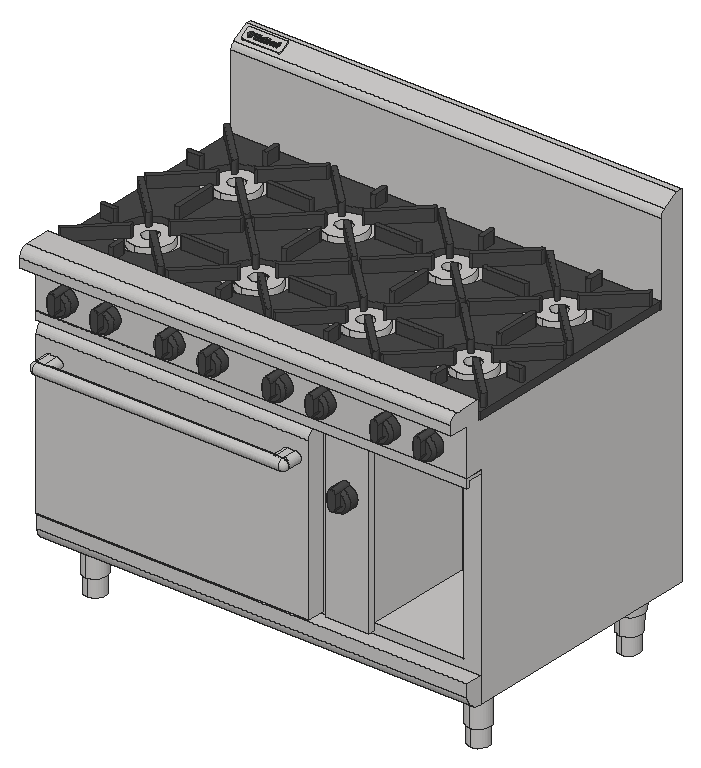
Revit family "QF_MOFFAT WALDORF_RN8810GC", category Specialty Equipment, Revit 2012
Parameters
  Width = 1200 mm
  Weight in Pounds = 258
  Watts = 130 W
  Volts = 240 V
  URL Cutsheet = "www.moffat.com"
  URL = "www.moffat.com"
  Type Mark [instance] = ""
  Status [instance] = ""
  Specification by User [instance] = ""
  Specification by Manufacturer = ""
  Show Logo [instance] = yes
  Show Clearance [instance] = yes
  Serial Number = ""
  Seismic Rating = ""
  SMACNA No = ""
  Revision Code [instance] = ""
  Plumbing Remarks = ""
  Plumbing Connection Type [instance] = ""
  Phase = 1
  Omniclass Number and Title = ""
  Number of Poles [instance] = 1
  NAFEM Spec ID Number = ""
  Model = "RN8810GC"
  Min Ckt Ampacity = 0 A
  Mechanical Remarks = ""
  Mechanical Connection Type [instance] = ""
  Max Overcurrent Protection = 0 A
  Masterspec = ""
  Manufacturer = "MOFFAT WALDORF"
  Item Number [instance] = ""
  Installed By [instance] = ""
  Identify Quantity as Lot [instance] = yes
  Height = 1130 mm
  HP = ""
  Gas Size = 3/4"
  Gas RI Height [instance] = 0 mm
  Gas KW [instance] = 70.5
  Gas Input [instance] = 240746.0 Btu/h
  Gas Connection Height = 0 mm
  Furnished By [instance] = ""
  Foodservice Equipment Identifier [instance] = yes
  FL Amps = 0.06 A
  Electrical Remarks [instance] = ""
  Electric Connection Type [instance] = ""
  Elec Conn RI Height [instance] = 0 mm
  Elec Conn Connection Height [instance] = 0 mm
  Description = "RANGE GAS WITH CONVECTION OVEN"
  Depth = 805 mm
  Cycle = 50 Hz
  Conn Plug = ""
  Conn Conduit = yes
  Cold Water Temperature Recommended = -459.67 °F
  Cold Water Size = 1/2"
  Cold Water RI Height [instance] = 0 mm
  Cold Water Minimum Pressure = 0.00 psi
  Cold Water Maximum Pressure = 0.00 psi
  Cold Water Flow = 0 GPM
  Cold Water Consumption = ""
  Cold Water Connection Height = 0 mm
  CSI MasterFormat = ""
  CSI Master Format = ""
  Body Finish = QF_Finishes_Stainless Steel
  Apparent Power = 0 VA
Reference planes
  plane 1 "BACK": y = 0
  plane 2: z = 0
  plane 3 "LEFT": x = 0
  plane 4 "RIGHT": x = 1200
  plane 5 "FRONT": y = -805
  plane 6 "TOP": z = 1130
  plane 7 "Center Y": x = 600
  plane 8 "Center X": y = -402.5
  plane 9: x = 280
  plane 10: y = -574.272
  plane 11: x = 60
  plane 12: y = -304.972
  plane 13: y = -364.972
  plane 14: x = 74
  plane 15: y = -805
  plane 16: x = 1134.5
  plane 17: y = -32
  plane 18: z = 655
  plane 19: x = 65.5
  plane 20: x = 65.8
  plane 21: z = 222.5
Forms (mm)
  Extrusion 1, solid, material "QF_Finishes_Stainless Steel" <- "Body Finish"
    sketch origin (0, 0, 0) x (0, 1, 0) y (0, 0, 1)
      loop
        line (0, 150) -> (0, 1130) -> (-16.5, 1130) -> (-58.709, 1105.631)
        arc (-58.709, 1105.631) -> (-66.975, 1097.365) -> (-70, 1086.074) r 22.582
        line (-70, 1086.074) -> (-70, 861.8) -> (-709, 861.8) -> (-709, 915) -> (-781, 915)
        arc (-781, 915) -> (-797.971, 907.971) -> (-805, 891) r 24
        line (-805, 891) -> (-805, 866) -> (-749, 866) -> (-749, 736.219) -> (-696.73, 736.219) -> (-696.73, 150) -> (0, 150)
      loop
        line (-700.93, 150.071) -> (-700.93, 222.5) -> (-746.73, 222.5) -> (-746.73, 188)
        arc (-746.73, 188) -> (-731.317, 159.995) -> (-700.93, 150.071) r 43.526
      loop
        line (-749, 710) -> (-740.224, 710) -> (-742.613, 726.999) -> (-700.93, 726.999) -> (-700.93, 734.003) -> (-749, 734.003) -> (-749, 710)
    from 0 to 1200
  Extrusion 2, solid, material "QF_Finishes_Stainless Steel"
    sketch origin (0, 0, 0) x (0, 1, 0) y (0, 0, 1)
      loop
        line (-699, 700) -> (-725, 700)
        arc (-725, 700) -> (-741.971, 692.971) -> (-749, 676) r 24
        line (-749, 676) -> (-749, 227.5) -> (-699, 227.5) -> (-699, 700)
    from 0 to 760
  Extrusion 3, solid, material "QF_Finishes_Stainless Steel"
    sketch origin (723.5, 0, 0) x (0, 1, 0) y (0, 0, 1)
      loop
        line (-699, 700) -> (-714, 700) -> (-714, 227.5) -> (-699, 227.5) -> (-699, 700)
    from 56.898 to 176.5
  Revolve 4, solid, material "QF_Finishes_Stainless Steel" <- "Body Finish"
    sketch origin (1134.5, -165, 0) x (0, 1, 0) y (0, 0, -1)
      loop
        line (33.25, -50) -> (31.418, -102.468) -> (26.406, -102.468) -> (22.247, -150) -> (65, -150) -> (65, 0) -> (37.5, 0) -> (37.5, -50) -> (33.25, -50)
      axis (65, -150) -> (65, 0)
    angle from 0 to 360
  Revolve 5, solid, material "QF_Finishes_Stainless Steel" <- "Body Finish"
    sketch origin (1134.5, -696.126, 0) x (0, 1, 0) y (0, 0, -1)
      loop
        line (39.376, -150) -> (71.126, -150) -> (71.126, 0) -> (43.626, 0) -> (43.626, -50) -> (39.376, -50) -> (39.376, -150)
      axis (71.126, -150) -> (71.126, 0)
    angle from 0 to 360
  Revolve 6, solid, material "QF_Finishes_Stainless Steel" <- "Body Finish"
    sketch origin (65.5, -165, 0) x (0, 1, 0) y (0, 0, 1)
      loop
        line (31.418, 102.468) -> (33.25, 50) -> (37.5, 50) -> (37.5, 0) -> (65, 0) -> (65, 150) -> (22.247, 150) -> (26.406, 102.468) -> (31.418, 102.468)
      axis (65, 150) -> (65, 0)
    angle from 0 to 360
  Revolve 7, solid, material "QF_Finishes_Stainless Steel" <- "Body Finish"
    sketch origin (65.5, -696.126, 0) x (0, 1, 0) y (0, 0, 1)
      loop
        line (39.376, 150) -> (39.376, 50) -> (43.626, 50) -> (43.626, 0) -> (71.126, 0) -> (71.126, 150) -> (39.376, 150)
      axis (71.126, 150) -> (71.126, 0)
    angle from 0 to 360
  Extrusion 8, solid, material "QF_Finishes_Stainless Steel"
    sketch origin (-64.5, 0, 325) x (1, 0, 0) y (0, 1, 0)
      loop
        circle (1134.5, -32) r 10
    from 330 to 377.356
  Extrusion 9, void
    sketch origin (0, -696.73, 640) x (0, 0, -1) y (-1, 0, 0)
      loop
        line (-36, -900) -> (-36, -1150) -> (394, -1150) -> (394, -900) -> (-36, -900)
    from 0 to 304.8
  Extrusion 10, solid, material "QF_Finishes_Black"
    sketch origin (0, -70, 861.8) x (0, -1, 0) y (1, 0, 0)
      loop
        arc (1, 4) -> (1.879, 1.879) -> (4, 1) r 3
        line (4, 1) -> (631, 1)
        arc (631, 1) -> (633.121, 1.879) -> (634, 4) r 3
        line (634, 4) -> (634, 1197)
        arc (634, 1197) -> (633.121, 1199.121) -> (631, 1200) r 3
        line (631, 1200) -> (4, 1200)
        arc (4, 1200) -> (1.879, 1199.121) -> (1, 1197) r 3
        line (1, 1197) -> (1, 4)
      loop
        circle (167.5, 150) r 85
      loop
        circle (167.5, 450) r 85
      loop
        circle (467.768, 150) r 85
      loop
        circle (467.768, 450) r 85
      loop
        circle (167.5, 750) r 85
      loop
        circle (467.768, 750) r 85
      loop
        circle (167.5, 1050) r 85
      loop
        circle (467.768, 1050) r 85
    from 0 to 19.5
  Revolve 11, solid, material "QF_Finishes_Black"
    sketch origin (810.601, 38.874, -0.118) x (0, 1, 0) y (0, 0, 1)
      loop
        line (-820.874, 829.5) -> (-831.874, 823.651) -> (-831.874, 797) -> (-787.874, 797) -> (-787.874, 802) -> (-797.874, 802) -> (-797.874, 829.5) -> (-820.874, 829.5)
      axis (-831.874, 797) -> (-787.874, 797)
    angle from 0 to 360
  Revolve 12, solid, material "QF_Finishes_Black"
    sketch origin (690.601, 38.874, -0.118) x (0, 1, 0) y (0, 0, 1)
      loop
        line (-820.874, 829.5) -> (-831.874, 823.651) -> (-831.874, 797) -> (-787.874, 797) -> (-787.874, 802) -> (-797.874, 802) -> (-797.874, 829.5) -> (-820.874, 829.5)
      axis (-831.874, 797) -> (-787.874, 797)
    angle from 0 to 360
  Revolve 13, solid, material "QF_Finishes_Black"
    sketch origin (90.649, 38.874, -0.118) x (0, 1, 0) y (0, 0, -1)
      loop
        line (-820.874, -829.5) -> (-797.874, -829.5) -> (-797.874, -802) -> (-787.874, -802) -> (-787.874, -797) -> (-831.874, -797) -> (-831.874, -823.651) -> (-820.874, -829.5)
      axis (-831.874, -797) -> (-787.874, -797)
    angle from 0 to 360
  Revolve 14, solid, material "QF_Finishes_Black"
    sketch origin (210.649, 38.874, -0.118) x (0, 1, 0) y (0, 0, -1)
      loop
        line (-820.874, -829.5) -> (-797.874, -829.5) -> (-797.874, -802) -> (-787.874, -802) -> (-787.874, -797) -> (-831.874, -797) -> (-831.874, -823.651) -> (-820.874, -829.5)
      axis (-831.874, -797) -> (-787.874, -797)
    angle from 0 to 360
  Revolve 15, solid, material "QF_Finishes_Black"
    sketch origin (390, 38.874, -0.118) x (0, 1, 0) y (0, 0, -1)
      loop
        line (-820.874, -829.5) -> (-797.874, -829.5) -> (-797.874, -802) -> (-787.874, -802) -> (-787.874, -797) -> (-831.874, -797) -> (-831.874, -823.651) -> (-820.874, -829.5)
      axis (-831.874, -797) -> (-787.874, -797)
    angle from 0 to 360
  Revolve 16, solid, material "QF_Finishes_Black"
    sketch origin (510, 38.874, -0.118) x (0, 1, 0) y (0, 0, -1)
      loop
        line (-820.874, -829.5) -> (-797.874, -829.5) -> (-797.874, -802) -> (-787.874, -802) -> (-787.874, -797) -> (-831.874, -797) -> (-831.874, -823.651) -> (-820.874, -829.5)
      axis (-831.874, -797) -> (-787.874, -797)
    angle from 0 to 360
  Revolve 17, solid, material "QF_Finishes_Black"
    sketch origin (1110.576, 38.874, -0.118) x (0, 1, 0) y (0, 0, 1)
      loop
        line (-820.874, 829.5) -> (-831.874, 823.651) -> (-831.874, 797) -> (-787.874, 797) -> (-787.874, 802) -> (-797.874, 802) -> (-797.874, 829.5) -> (-820.874, 829.5)
      axis (-831.874, 797) -> (-787.874, 797)
    angle from 0 to 360
  Revolve 18, solid, material "QF_Finishes_Black"
    sketch origin (990.576, 38.874, -0.118) x (0, 1, 0) y (0, 0, 1)
      loop
        line (-820.874, 829.5) -> (-831.874, 823.651) -> (-831.874, 797) -> (-787.874, 797) -> (-787.874, 802) -> (-797.874, 802) -> (-797.874, 829.5) -> (-820.874, 829.5)
      axis (-831.874, 797) -> (-787.874, 797)
    angle from 0 to 360
  Extrusion 19, solid, material "QF_Finishes_Black"
    sketch origin (238.456, 0, -0.118) x (-1, 0, 0) y (0, 0, -1)
      loop
        arc (158.3, -789) -> (148.3, -779) -> (138.3, -789) r 10
        line (138.3, -789) -> (138.3, -824)
        arc (138.3, -824) -> (148.3, -834) -> (158.3, -824) r 10
        line (158.3, -824) -> (158.3, -789)
    from 759 to 808
  Extrusion 20, solid, material "QF_Finishes_Black"
    sketch origin (358.456, 0, -0.118) x (-1, 0, 0) y (0, 0, -1)
      loop
        arc (158.3, -789) -> (148.3, -779) -> (138.3, -789) r 10
        line (138.3, -789) -> (138.3, -824)
        arc (138.3, -824) -> (148.3, -834) -> (158.3, -824) r 10
        line (158.3, -824) -> (158.3, -789)
    from 759 to 808
  Extrusion 21, solid, material "QF_Finishes_Black"
    sketch origin (537.807, 0, -0.118) x (-1, 0, 0) y (0, 0, -1)
      loop
        arc (158.3, -789) -> (148.3, -779) -> (138.3, -789) r 10
        line (138.3, -789) -> (138.3, -824)
        arc (138.3, -824) -> (148.3, -834) -> (158.3, -824) r 10
        line (158.3, -824) -> (158.3, -789)
    from 759 to 808
  Extrusion 22, solid, material "QF_Finishes_Black"
    sketch origin (657.807, 0, -0.118) x (-1, 0, 0) y (0, 0, -1)
      loop
        arc (158.3, -789) -> (148.3, -779) -> (138.3, -789) r 10
        line (138.3, -789) -> (138.3, -824)
        arc (138.3, -824) -> (148.3, -834) -> (158.3, -824) r 10
        line (158.3, -824) -> (158.3, -789)
    from 759 to 808
  Extrusion 23, solid, material "QF_Finishes_Black"
    sketch origin (838.408, 0, -0.118) x (-1, 0, 0) y (0, 0, -1)
      loop
        arc (158.3, -789) -> (148.3, -779) -> (138.3, -789) r 10
        line (138.3, -789) -> (138.3, -824)
        arc (138.3, -824) -> (148.3, -834) -> (158.3, -824) r 10
        line (158.3, -824) -> (158.3, -789)
    from 759 to 808
  Extrusion 24, solid, material "QF_Finishes_Black"
    sketch origin (958.408, 0, -0.118) x (-1, 0, 0) y (0, 0, -1)
      loop
        arc (158.3, -789) -> (148.3, -779) -> (138.3, -789) r 10
        line (138.3, -789) -> (138.3, -824)
        arc (138.3, -824) -> (148.3, -834) -> (158.3, -824) r 10
        line (158.3, -824) -> (158.3, -789)
    from 759 to 808
  Extrusion 25, solid, material "QF_Finishes_Black"
    sketch origin (1138.383, 0, -0.118) x (-1, 0, 0) y (0, 0, -1)
      loop
        arc (158.3, -789) -> (148.3, -779) -> (138.3, -789) r 10
        line (138.3, -789) -> (138.3, -824)
        arc (138.3, -824) -> (148.3, -834) -> (158.3, -824) r 10
        line (158.3, -824) -> (158.3, -789)
    from 759 to 808
  Extrusion 26, solid, material "QF_Finishes_Black"
    sketch origin (1258.383, 0, -0.118) x (-1, 0, 0) y (0, 0, -1)
      loop
        arc (158.3, -789) -> (148.3, -779) -> (138.3, -789) r 10
        line (138.3, -789) -> (138.3, -824)
        arc (138.3, -824) -> (148.3, -834) -> (158.3, -824) r 10
        line (158.3, -824) -> (158.3, -789)
    from 759 to 808
  Revolve 27, solid, material "QF_Finishes_Black"
    sketch origin (836.851, 81.374, -246.196) x (0, 1, 0) y (0, 0, 1)
      loop
        line (-820.874, 829.5) -> (-831.874, 823.651) -> (-831.874, 797) -> (-787.874, 797) -> (-787.874, 802) -> (-797.874, 802) -> (-797.874, 829.5) -> (-820.874, 829.5)
      axis (-831.874, 797) -> (-787.874, 797)
    angle from 0 to 360
  Extrusion 28, solid, material "QF_Finishes_Black"
    sketch origin (389.044, 42.5, -246.196) x (1, 0, 0) y (0, 0, 1)
      loop
        line (458.3, 789) -> (458.3, 824)
        arc (458.3, 824) -> (448.3, 834) -> (438.3, 824) r 10
        line (438.3, 824) -> (438.3, 789)
        arc (438.3, 789) -> (448.3, 779) -> (458.3, 789) r 10
    from 759 to 808
  Extrusion 29, solid, material "QF_Finishes_Stainless Steel"
    sketch origin (0, -737.874, 150) x (1, 0, 0) y (0, -1, 0)
      loop
        circle (826.762, -237.602) r 10
    from 0 to 3
  Extrusion 30, solid, material "QF_Door-Drawer Clearances", visible <- "Show Clearance", detail levels coarse
    sketch origin (762.865, 0, 0) x (0, 1, 0) y (0, 0, 1)
      loop
        arc (-749, 697.347) -> (-1081.232, 559.732) -> (-1218.847, 227.5) r 469.847
        line (-1218.847, 227.5) -> (-749, 227.5) -> (-749, 697.347)
    from -2.865 to -762.865
  Extrusion 31, solid, material "QF_Finishes_Black"
    sketch origin (0, -70, 0) x (0, -1, 0) y (1, 0, 0)
      loop
        spline (323.602, 15.153) -> (322.681, 13.924) -> (322.131, 12.47) -> (321.99, 10.89) -> (322.267, 9.292) -> (322.943, 7.786) -> (323.973, 6.473) -> (325.286, 5.443) -> (326.792, 4.767) -> (328.39, 4.49) -> (329.97, 4.631) -> (331.424, 5.181) -> (332.653, 6.102)
        line (332.653, 6.102) -> (440.576, 114.025)
        spline (440.576, 114.025) -> (441.337, 115.095) -> (441.738, 116.399) -> (441.751, 117.851) -> (441.375, 119.35) -> (440.637, 120.795) -> (439.586, 122.086) -> (438.295, 123.137) -> (436.85, 123.875) -> (435.351, 124.251) -> (433.899, 124.238) -> (432.595, 123.837) -> (431.525, 123.076)
        line (431.525, 123.076) -> (323.602, 15.153)
      loop
        line (611.398, 15.153) -> (503.475, 123.076)
        spline (503.475, 123.076) -> (502.405, 123.837) -> (501.101, 124.238) -> (499.649, 124.251) -> (498.15, 123.875) -> (496.705, 123.137) -> (495.414, 122.086) -> (494.363, 120.795) -> (493.625, 119.35) -> (493.249, 117.851) -> (493.262, 116.399) -> (493.663, 115.095) -> (494.424, 114.025)
        line (494.424, 114.025) -> (602.347, 6.102)
        spline (602.347, 6.102) -> (603.416, 5.341) -> (604.721, 4.941) -> (606.172, 4.928) -> (607.671, 5.303) -> (609.116, 6.041) -> (610.408, 7.092) -> (611.459, 8.384) -> (612.197, 9.829) -> (612.572, 11.328) -> (612.559, 12.779) -> (612.159, 14.084) -> (611.398, 15.153)
      loop
        spline (375.602, 143.6) -> (376.896, 143.818) -> (378.102, 144.457) -> (379.138, 145.475) -> (379.932, 146.8) -> (380.432, 148.344) -> (380.602, 150) -> (380.432, 151.656) -> (379.932, 153.2) -> (379.138, 154.525) -> (378.102, 155.543) -> (376.896, 156.182) -> (375.602, 156.4)
        line (375.602, 156.4) -> (259.398, 156.4)
        spline (259.398, 156.4) -> (258.104, 156.182) -> (256.898, 155.543) -> (255.862, 154.525) -> (255.068, 153.2) -> (254.568, 151.656) -> (254.398, 150) -> (254.568, 148.344) -> (255.068, 146.8) -> (255.862, 145.475) -> (256.898, 144.457) -> (258.104, 143.818) -> (259.398, 143.6)
        line (259.398, 143.6) -> (375.602, 143.6)
      loop
        spline (23.602, 15.153) -> (22.681, 13.924) -> (22.131, 12.47) -> (21.99, 10.89) -> (22.267, 9.292) -> (22.943, 7.786) -> (23.973, 6.473) -> (25.286, 5.443) -> (26.792, 4.767) -> (28.39, 4.49) -> (29.97, 4.631) -> (31.424, 5.181) -> (32.653, 6.102)
        line (32.653, 6.102) -> (140.576, 114.025)
        spline (140.576, 114.025) -> (141.337, 115.095) -> (141.738, 116.399) -> (141.751, 117.851) -> (141.375, 119.35) -> (140.637, 120.795) -> (139.586, 122.086) -> (138.295, 123.137) -> (136.85, 123.875) -> (135.351, 124.251) -> (133.899, 124.238) -> (132.595, 123.837) -> (131.525, 123.076)
        line (131.525, 123.076) -> (23.602, 15.153)
      loop
        line (311.398, 15.153) -> (203.475, 123.076)
        spline (203.475, 123.076) -> (202.405, 123.837) -> (201.101, 124.238) -> (199.649, 124.251) -> (198.15, 123.875) -> (196.705, 123.137) -> (195.414, 122.086) -> (194.363, 120.795) -> (193.625, 119.35) -> (193.249, 117.851) -> (193.262, 116.399) -> (193.663, 115.095) -> (194.424, 114.025)
        line (194.424, 114.025) -> (302.347, 6.102)
        spline (302.347, 6.102) -> (303.416, 5.341) -> (304.721, 4.941) -> (306.172, 4.928) -> (307.671, 5.303) -> (309.116, 6.041) -> (310.408, 7.092) -> (311.459, 8.384) -> (312.197, 9.829) -> (312.572, 11.328) -> (312.559, 12.779) -> (312.159, 14.084) -> (311.398, 15.153)
      loop
        line (323.602, 284.847) -> (431.525, 176.924)
        spline (431.525, 176.924) -> (432.595, 176.163) -> (433.899, 175.762) -> (435.351, 175.749) -> (436.85, 176.125) -> (438.295, 176.863) -> (439.586, 177.914) -> (440.637, 179.205) -> (441.375, 180.65) -> (441.751, 182.149) -> (441.738, 183.601) -> (441.337, 184.905) -> (440.576, 185.975)
        line (440.576, 185.975) -> (332.653, 293.898)
        spline (332.653, 293.898) -> (331.424, 294.819) -> (329.97, 295.369) -> (328.39, 295.51) -> (326.792, 295.233) -> (325.286, 294.557) -> (323.973, 293.527) -> (322.943, 292.214) -> (322.267, 290.708) -> (321.99, 289.11) -> (322.131, 287.53) -> (322.681, 286.076) -> (323.602, 284.847)
      loop
        spline (611.398, 284.847) -> (612.159, 285.916) -> (612.559, 287.221) -> (612.572, 288.672) -> (612.197, 290.171) -> (611.459, 291.616) -> (610.408, 292.908) -> (609.116, 293.959) -> (607.671, 294.697) -> (606.172, 295.072) -> (604.721, 295.059) -> (603.416, 294.659) -> (602.347, 293.898)
        line (602.347, 293.898) -> (494.424, 185.975)
        spline (494.424, 185.975) -> (493.663, 184.905) -> (493.262, 183.601) -> (493.249, 182.149) -> (493.625, 180.65) -> (494.363, 179.205) -> (495.414, 177.914) -> (496.705, 176.863) -> (498.15, 176.125) -> (499.649, 175.749) -> (501.101, 175.762) -> (502.405, 176.163) -> (503.475, 176.924)
        line (503.475, 176.924) -> (611.398, 284.847)
      loop
        spline (461.1, 241.898) -> (461.318, 240.604) -> (461.957, 239.398) -> (462.975, 238.362) -> (464.3, 237.568) -> (465.844, 237.068) -> (467.5, 236.898) -> (469.156, 237.068) -> (470.7, 237.568) -> (472.025, 238.362) -> (473.043, 239.398) -> (473.682, 240.604) -> (473.9, 241.898)
        line (473.9, 241.898) -> (473.9, 358.102)
        spline (473.9, 358.102) -> (473.682, 359.396) -> (473.043, 360.602) -> (472.025, 361.638) -> (470.7, 362.432) -> (469.156, 362.932) -> (467.5, 363.102) -> (465.844, 362.932) -> (464.3, 362.432) -> (462.975, 361.638) -> (461.957, 360.602) -> (461.318, 359.396) -> (461.1, 358.102)
        line (461.1, 358.102) -> (461.1, 241.898)
      loop
        line (23.602, 284.847) -> (131.525, 176.924)
        spline (131.525, 176.924) -> (132.595, 176.163) -> (133.899, 175.762) -> (135.351, 175.749) -> (136.85, 176.125) -> (138.295, 176.863) -> (139.586, 177.914) -> (140.637, 179.205) -> (141.375, 180.65) -> (141.751, 182.149) -> (141.738, 183.601) -> (141.337, 184.905) -> (140.576, 185.975)
        line (140.576, 185.975) -> (32.653, 293.898)
        spline (32.653, 293.898) -> (31.424, 294.819) -> (29.97, 295.369) -> (28.39, 295.51) -> (26.792, 295.233) -> (25.286, 294.557) -> (23.973, 293.527) -> (22.943, 292.214) -> (22.267, 290.708) -> (21.99, 289.11) -> (22.131, 287.53) -> (22.681, 286.076) -> (23.602, 284.847)
      loop
        spline (311.398, 284.847) -> (312.159, 285.916) -> (312.559, 287.221) -> (312.572, 288.672) -> (312.197, 290.171) -> (311.459, 291.616) -> (310.408, 292.908) -> (309.116, 293.959) -> (307.671, 294.697) -> (306.172, 295.072) -> (304.721, 295.059) -> (303.416, 294.659) -> (302.347, 293.898)
        line (302.347, 293.898) -> (194.424, 185.975)
        spline (194.424, 185.975) -> (193.663, 184.905) -> (193.262, 183.601) -> (193.249, 182.149) -> (193.625, 180.65) -> (194.363, 179.205) -> (195.414, 177.914) -> (196.705, 176.863) -> (198.15, 176.125) -> (199.649, 175.749) -> (201.101, 175.762) -> (202.405, 176.163) -> (203.475, 176.924)
        line (203.475, 176.924) -> (311.398, 284.847)
      loop
        spline (161.1, 241.898) -> (161.318, 240.604) -> (161.957, 239.398) -> (162.975, 238.362) -> (164.3, 237.568) -> (165.844, 237.068) -> (167.5, 236.898) -> (169.156, 237.068) -> (170.7, 237.568) -> (172.025, 238.362) -> (173.043, 239.398) -> (173.682, 240.604) -> (173.9, 241.898)
        line (173.9, 241.898) -> (173.9, 358.102)
        spline (173.9, 358.102) -> (173.682, 359.396) -> (173.043, 360.602) -> (172.025, 361.638) -> (170.7, 362.432) -> (169.156, 362.932) -> (167.5, 363.102) -> (165.844, 362.932) -> (164.3, 362.432) -> (162.975, 361.638) -> (161.957, 360.602) -> (161.318, 359.396) -> (161.1, 358.102)
        line (161.1, 358.102) -> (161.1, 241.898)
      loop
        line (375.602, 456.4) -> (259.398, 456.4)
        spline (259.398, 456.4) -> (258.104, 456.182) -> (256.898, 455.543) -> (255.862, 454.525) -> (255.068, 453.2) -> (254.568, 451.656) -> (254.398, 450) -> (254.568, 448.344) -> (255.068, 446.8) -> (255.862, 445.475) -> (256.898, 444.457) -> (258.104, 443.818) -> (259.398, 443.6)
        line (259.398, 443.6) -> (375.602, 443.6)
        spline (375.602, 443.6) -> (376.896, 443.818) -> (378.102, 444.457) -> (379.138, 445.475) -> (379.932, 446.8) -> (380.432, 448.344) -> (380.602, 450) -> (380.432, 451.656) -> (379.932, 453.2) -> (379.138, 454.525) -> (378.102, 455.543) -> (376.896, 456.182) -> (375.602, 456.4)
      loop
        spline (323.602, 315.153) -> (322.681, 313.924) -> (322.131, 312.47) -> (321.99, 310.89) -> (322.267, 309.292) -> (322.943, 307.786) -> (323.973, 306.473) -> (325.286, 305.443) -> (326.792, 304.767) -> (328.39, 304.49) -> (329.97, 304.631) -> (331.424, 305.181) -> (332.653, 306.102)
        line (332.653, 306.102) -> (440.576, 414.025)
        spline (440.576, 414.025) -> (441.337, 415.095) -> (441.738, 416.399) -> (441.751, 417.851) -> (441.375, 419.35) -> (440.637, 420.795) -> (439.586, 422.086) -> (438.295, 423.137) -> (436.85, 423.875) -> (435.351, 424.251) -> (433.899, 424.238) -> (432.595, 423.837) -> (431.525, 423.076)
        line (431.525, 423.076) -> (323.602, 315.153)
      loop
        line (611.398, 315.153) -> (503.475, 423.076)
        spline (503.475, 423.076) -> (502.405, 423.837) -> (501.101, 424.238) -> (499.649, 424.251) -> (498.15, 423.875) -> (496.705, 423.137) -> (495.414, 422.086) -> (494.363, 420.795) -> (493.625, 419.35) -> (493.249, 417.851) -> (493.262, 416.399) -> (493.663, 415.095) -> (494.424, 414.025)
        line (494.424, 414.025) -> (602.347, 306.102)
        spline (602.347, 306.102) -> (603.416, 305.341) -> (604.721, 304.941) -> (606.172, 304.928) -> (607.671, 305.303) -> (609.116, 306.041) -> (610.408, 307.092) -> (611.459, 308.384) -> (612.197, 309.829) -> (612.572, 311.328) -> (612.559, 312.779) -> (612.159, 314.084) -> (611.398, 315.153)
      loop
        spline (23.602, 315.153) -> (22.681, 313.924) -> (22.131, 312.47) -> (21.99, 310.89) -> (22.267, 309.292) -> (22.943, 307.786) -> (23.973, 306.473) -> (25.286, 305.443) -> (26.792, 304.767) -> (28.39, 304.49) -> (29.97, 304.631) -> (31.424, 305.181) -> (32.653, 306.102)
        line (32.653, 306.102) -> (140.576, 414.025)
        spline (140.576, 414.025) -> (141.337, 415.095) -> (141.738, 416.399) -> (141.751, 417.851) -> (141.375, 419.35) -> (140.637, 420.795) -> (139.586, 422.086) -> (138.295, 423.137) -> (136.85, 423.875) -> (135.351, 424.251) -> (133.899, 424.238) -> (132.595, 423.837) -> (131.525, 423.076)
        line (131.525, 423.076) -> (23.602, 315.153)
      loop
        line (311.398, 315.153) -> (203.475, 423.076)
        spline (203.475, 423.076) -> (202.405, 423.837) -> (201.101, 424.238) -> (199.649, 424.251) -> (198.15, 423.875) -> (196.705, 423.137) -> (195.414, 422.086) -> (194.363, 420.795) -> (193.625, 419.35) -> (193.249, 417.851) -> (193.262, 416.399) -> (193.663, 415.095) -> (194.424, 414.025)
        line (194.424, 414.025) -> (302.347, 306.102)
        spline (302.347, 306.102) -> (303.416, 305.341) -> (304.721, 304.941) -> (306.172, 304.928) -> (307.671, 305.303) -> (309.116, 306.041) -> (310.408, 307.092) -> (311.459, 308.384) -> (312.197, 309.829) -> (312.572, 311.328) -> (312.559, 312.779) -> (312.159, 314.084) -> (311.398, 315.153)
      loop
        line (323.602, 584.847) -> (431.525, 476.924)
        spline (431.525, 476.924) -> (432.595, 476.163) -> (433.899, 475.762) -> (435.351, 475.749) -> (436.85, 476.125) -> (438.295, 476.863) -> (439.586, 477.914) -> (440.637, 479.205) -> (441.375, 480.65) -> (441.751, 482.149) -> (441.738, 483.601) -> (441.337, 484.905) -> (440.576, 485.975)
        line (440.576, 485.975) -> (332.653, 593.898)
        spline (332.653, 593.898) -> (331.424, 594.819) -> (329.97, 595.369) -> (328.39, 595.51) -> (326.792, 595.233) -> (325.286, 594.557) -> (323.973, 593.527) -> (322.943, 592.214) -> (322.267, 590.708) -> (321.99, 589.11) -> (322.131, 587.53) -> (322.681, 586.076) -> (323.602, 584.847)
      loop
        spline (611.398, 584.847) -> (612.159, 585.916) -> (612.559, 587.221) -> (612.572, 588.672) -> (612.197, 590.171) -> (611.459, 591.616) -> (610.408, 592.908) -> (609.116, 593.959) -> (607.671, 594.697) -> (606.172, 595.072) -> (604.721, 595.059) -> (603.416, 594.659) -> (602.347, 593.898)
        line (602.347, 593.898) -> (494.424, 485.975)
        spline (494.424, 485.975) -> (493.663, 484.905) -> (493.262, 483.601) -> (493.249, 482.149) -> (493.625, 480.65) -> (494.363, 479.205) -> (495.414, 477.914) -> (496.705, 476.863) -> (498.15, 476.125) -> (499.649, 475.749) -> (501.101, 475.762) -> (502.405, 476.163) -> (503.475, 476.924)
        line (503.475, 476.924) -> (611.398, 584.847)
      loop
        line (23.602, 584.847) -> (131.525, 476.924)
        spline (131.525, 476.924) -> (132.595, 476.163) -> (133.899, 475.762) -> (135.351, 475.749) -> (136.85, 476.125) -> (138.295, 476.863) -> (139.586, 477.914) -> (140.637, 479.205) -> (141.375, 480.65) -> (141.751, 482.149) -> (141.738, 483.601) -> (141.337, 484.905) -> (140.576, 485.975)
        line (140.576, 485.975) -> (32.653, 593.898)
        spline (32.653, 593.898) -> (31.424, 594.819) -> (29.97, 595.369) -> (28.39, 595.51) -> (26.792, 595.233) -> (25.286, 594.557) -> (23.973, 593.527) -> (22.943, 592.214) -> (22.267, 590.708) -> (21.99, 589.11) -> (22.131, 587.53) -> (22.681, 586.076) -> (23.602, 584.847)
      loop
        spline (311.398, 584.847) -> (312.159, 585.916) -> (312.559, 587.221) -> (312.572, 588.672) -> (312.197, 590.171) -> (311.459, 591.616) -> (310.408, 592.908) -> (309.116, 593.959) -> (307.671, 594.697) -> (306.172, 595.072) -> (304.721, 595.059) -> (303.416, 594.659) -> (302.347, 593.898)
        line (302.347, 593.898) -> (194.424, 485.975)
        spline (194.424, 485.975) -> (193.663, 484.905) -> (193.262, 483.601) -> (193.249, 482.149) -> (193.625, 480.65) -> (194.363, 479.205) -> (195.414, 477.914) -> (196.705, 476.863) -> (198.15, 476.125) -> (199.649, 475.749) -> (201.101, 475.762) -> (202.405, 476.163) -> (203.475, 476.924)
        line (203.475, 476.924) -> (311.398, 584.847)
      loop
        spline (461.1, 541.898) -> (461.318, 540.604) -> (461.957, 539.398) -> (462.975, 538.362) -> (464.3, 537.568) -> (465.844, 537.068) -> (467.5, 536.898) -> (469.156, 537.068) -> (470.7, 537.568) -> (472.025, 538.362) -> (473.043, 539.398) -> (473.682, 540.604) -> (473.9, 541.898)
        line (473.9, 541.898) -> (473.9, 658.102)
        spline (473.9, 658.102) -> (473.682, 659.396) -> (473.043, 660.602) -> (472.025, 661.638) -> (470.7, 662.432) -> (469.156, 662.932) -> (467.5, 663.102) -> (465.844, 662.932) -> (464.3, 662.432) -> (462.975, 661.638) -> (461.957, 660.602) -> (461.318, 659.396) -> (461.1, 658.102)
        line (461.1, 658.102) -> (461.1, 541.898)
      loop
        spline (161.1, 541.898) -> (161.318, 540.604) -> (161.957, 539.398) -> (162.975, 538.362) -> (164.3, 537.568) -> (165.844, 537.068) -> (167.5, 536.898) -> (169.156, 537.068) -> (170.7, 537.568) -> (172.025, 538.362) -> (173.043, 539.398) -> (173.682, 540.604) -> (173.9, 541.898)
        line (173.9, 541.898) -> (173.9, 658.102)
        spline (173.9, 658.102) -> (173.682, 659.396) -> (173.043, 660.602) -> (172.025, 661.638) -> (170.7, 662.432) -> (169.156, 662.932) -> (167.5, 663.102) -> (165.844, 662.932) -> (164.3, 662.432) -> (162.975, 661.638) -> (161.957, 660.602) -> (161.318, 659.396) -> (161.1, 658.102)
        line (161.1, 658.102) -> (161.1, 541.898)
      loop
        line (375.602, 756.4) -> (259.398, 756.4)
        spline (259.398, 756.4) -> (258.104, 756.182) -> (256.898, 755.543) -> (255.862, 754.525) -> (255.068, 753.2) -> (254.568, 751.656) -> (254.398, 750) -> (254.568, 748.344) -> (255.068, 746.8) -> (255.862, 745.475) -> (256.898, 744.457) -> (258.104, 743.818) -> (259.398, 743.6)
        line (259.398, 743.6) -> (375.602, 743.6)
        spline (375.602, 743.6) -> (376.896, 743.818) -> (378.102, 744.457) -> (379.138, 745.475) -> (379.932, 746.8) -> (380.432, 748.344) -> (380.602, 750) -> (380.432, 751.656) -> (379.932, 753.2) -> (379.138, 754.525) -> (378.102, 755.543) -> (376.896, 756.182) -> (375.602, 756.4)
      loop
        spline (323.602, 615.153) -> (322.681, 613.924) -> (322.131, 612.47) -> (321.99, 610.89) -> (322.267, 609.292) -> (322.943, 607.786) -> (323.973, 606.473) -> (325.286, 605.443) -> (326.792, 604.767) -> (328.39, 604.49) -> (329.97, 604.631) -> (331.424, 605.181) -> (332.653, 606.102)
        line (332.653, 606.102) -> (440.576, 714.025)
        spline (440.576, 714.025) -> (441.337, 715.095) -> (441.738, 716.399) -> (441.751, 717.851) -> (441.375, 719.35) -> (440.637, 720.795) -> (439.586, 722.086) -> (438.295, 723.137) -> (436.85, 723.875) -> (435.351, 724.251) -> (433.899, 724.238) -> (432.595, 723.837) -> (431.525, 723.076)
        line (431.525, 723.076) -> (323.602, 615.153)
      loop
        line (611.398, 615.153) -> (503.475, 723.076)
        spline (503.475, 723.076) -> (502.405, 723.837) -> (501.101, 724.238) -> (499.649, 724.251) -> (498.15, 723.875) -> (496.705, 723.137) -> (495.414, 722.086) -> (494.363, 720.795) -> (493.625, 719.35) -> (493.249, 717.851) -> (493.262, 716.399) -> (493.663, 715.095) -> (494.424, 714.025)
        line (494.424, 714.025) -> (602.347, 606.102)
        spline (602.347, 606.102) -> (603.416, 605.341) -> (604.721, 604.941) -> (606.172, 604.928) -> (607.671, 605.303) -> (609.116, 606.041) -> (610.408, 607.092) -> (611.459, 608.384) -> (612.197, 609.829) -> (612.572, 611.328) -> (612.559, 612.779) -> (612.159, 614.084) -> (611.398, 615.153)
      loop
        spline (23.602, 615.153) -> (22.681, 613.924) -> (22.131, 612.47) -> (21.99, 610.89) -> (22.267, 609.292) -> (22.943, 607.786) -> (23.973, 606.473) -> (25.286, 605.443) -> (26.792, 604.767) -> (28.39, 604.49) -> (29.97, 604.631) -> (31.424, 605.181) -> (32.653, 606.102)
        line (32.653, 606.102) -> (140.576, 714.025)
        spline (140.576, 714.025) -> (141.337, 715.095) -> (141.738, 716.399) -> (141.751, 717.851) -> (141.375, 719.35) -> (140.637, 720.795) -> (139.586, 722.086) -> (138.295, 723.137) -> (136.85, 723.875) -> (135.351, 724.251) -> (133.899, 724.238) -> (132.595, 723.837) -> (131.525, 723.076)
        line (131.525, 723.076) -> (23.602, 615.153)
      loop
        line (311.398, 615.153) -> (203.475, 723.076)
        spline (203.475, 723.076) -> (202.405, 723.837) -> (201.101, 724.238) -> (199.649, 724.251) -> (198.15, 723.875) -> (196.705, 723.137) -> (195.414, 722.086) -> (194.363, 720.795) -> (193.625, 719.35) -> (193.249, 717.851) -> (193.262, 716.399) -> (193.663, 715.095) -> (194.424, 714.025)
        line (194.424, 714.025) -> (302.347, 606.102)
        spline (302.347, 606.102) -> (303.416, 605.341) -> (304.721, 604.941) -> (306.172, 604.928) -> (307.671, 605.303) -> (309.116, 606.041) -> (310.408, 607.092) -> (311.459, 608.384) -> (312.197, 609.829) -> (312.572, 611.328) -> (312.559, 612.779) -> (312.159, 614.084) -> (311.398, 615.153)
      loop
        line (323.602, 884.847) -> (431.525, 776.924)
        spline (431.525, 776.924) -> (432.595, 776.163) -> (433.899, 775.762) -> (435.351, 775.749) -> (436.85, 776.125) -> (438.295, 776.863) -> (439.586, 777.914) -> (440.637, 779.205) -> (441.375, 780.65) -> (441.751, 782.149) -> (441.738, 783.601) -> (441.337, 784.905) -> (440.576, 785.975)
        line (440.576, 785.975) -> (332.653, 893.898)
        spline (332.653, 893.898) -> (331.424, 894.819) -> (329.97, 895.369) -> (328.39, 895.51) -> (326.792, 895.233) -> (325.286, 894.557) -> (323.973, 893.527) -> (322.943, 892.214) -> (322.267, 890.708) -> (321.99, 889.11) -> (322.131, 887.53) -> (322.681, 886.076) -> (323.602, 884.847)
      loop
        spline (611.398, 884.847) -> (612.159, 885.916) -> (612.559, 887.221) -> (612.572, 888.672) -> (612.197, 890.171) -> (611.459, 891.616) -> (610.408, 892.908) -> (609.116, 893.959) -> (607.671, 894.697) -> (606.172, 895.072) -> (604.721, 895.059) -> (603.416, 894.659) -> (602.347, 893.898)
        line (602.347, 893.898) -> (494.424, 785.975)
        spline (494.424, 785.975) -> (493.663, 784.905) -> (493.262, 783.601) -> (493.249, 782.149) -> (493.625, 780.65) -> (494.363, 779.205) -> (495.414, 777.914) -> (496.705, 776.863) -> (498.15, 776.125) -> (499.649, 775.749) -> (501.101, 775.762) -> (502.405, 776.163) -> (503.475, 776.924)
        line (503.475, 776.924) -> (611.398, 884.847)
      loop
        line (23.602, 884.847) -> (131.525, 776.924)
        spline (131.525, 776.924) -> (132.595, 776.163) -> (133.899, 775.762) -> (135.351, 775.749) -> (136.85, 776.125) -> (138.295, 776.863) -> (139.586, 777.914) -> (140.637, 779.205) -> (141.375, 780.65) -> (141.751, 782.149) -> (141.738, 783.601) -> (141.337, 784.905) -> (140.576, 785.975)
        line (140.576, 785.975) -> (32.653, 893.898)
        spline (32.653, 893.898) -> (31.424, 894.819) -> (29.97, 895.369) -> (28.39, 895.51) -> (26.792, 895.233) -> (25.286, 894.557) -> (23.973, 893.527) -> (22.943, 892.214) -> (22.267, 890.708) -> (21.99, 889.11) -> (22.131, 887.53) -> (22.681, 886.076) -> (23.602, 884.847)
      loop
        spline (311.398, 884.847) -> (312.159, 885.916) -> (312.559, 887.221) -> (312.572, 888.672) -> (312.197, 890.171) -> (311.459, 891.616) -> (310.408, 892.908) -> (309.116, 893.959) -> (307.671, 894.697) -> (306.172, 895.072) -> (304.721, 895.059) -> (303.416, 894.659) -> (302.347, 893.898)
        line (302.347, 893.898) -> (194.424, 785.975)
        spline (194.424, 785.975) -> (193.663, 784.905) -> (193.262, 783.601) -> (193.249, 782.149) -> (193.625, 780.65) -> (194.363, 779.205) -> (195.414, 777.914) -> (196.705, 776.863) -> (198.15, 776.125) -> (199.649, 775.749) -> (201.101, 775.762) -> (202.405, 776.163) -> (203.475, 776.924)
        line (203.475, 776.924) -> (311.398, 884.847)
      loop
        line (323.602, 1184.847) -> (431.525, 1076.924)
        spline (431.525, 1076.924) -> (432.595, 1076.163) -> (433.899, 1075.762) -> (435.351, 1075.749) -> (436.85, 1076.125) -> (438.295, 1076.863) -> (439.586, 1077.914) -> (440.637, 1079.205) -> (441.375, 1080.65) -> (441.751, 1082.149) -> (441.738, 1083.601) -> (441.337, 1084.905) -> (440.576, 1085.975)
        line (440.576, 1085.975) -> (332.653, 1193.898)
        spline (332.653, 1193.898) -> (331.424, 1194.819) -> (329.97, 1195.369) -> (328.39, 1195.51) -> (326.792, 1195.233) -> (325.286, 1194.557) -> (323.973, 1193.527) -> (322.943, 1192.214) -> (322.267, 1190.708) -> (321.99, 1189.11) -> (322.131, 1187.53) -> (322.681, 1186.076) -> (323.602, 1184.847)
      loop
        spline (611.398, 1184.847) -> (612.159, 1185.916) -> (612.559, 1187.221) -> (612.572, 1188.672) -> (612.197, 1190.171) -> (611.459, 1191.616) -> (610.408, 1192.908) -> (609.116, 1193.959) -> (607.671, 1194.697) -> (606.172, 1195.072) -> (604.721, 1195.059) -> (603.416, 1194.659) -> (602.347, 1193.898)
        line (602.347, 1193.898) -> (494.424, 1085.975)
        spline (494.424, 1085.975) -> (493.663, 1084.905) -> (493.262, 1083.601) -> (493.249, 1082.149) -> (493.625, 1080.65) -> (494.363, 1079.205) -> (495.414, 1077.914) -> (496.705, 1076.863) -> (498.15, 1076.125) -> (499.649, 1075.749) -> (501.101, 1075.762) -> (502.405, 1076.163) -> (503.475, 1076.924)
        line (503.475, 1076.924) -> (611.398, 1184.847)
      loop
        line (375.602, 1056.4) -> (259.398, 1056.4)
        spline (259.398, 1056.4) -> (258.104, 1056.182) -> (256.898, 1055.543) -> (255.862, 1054.525) -> (255.068, 1053.2) -> (254.568, 1051.656) -> (254.398, 1050) -> (254.568, 1048.344) -> (255.068, 1046.8) -> (255.862, 1045.475) -> (256.898, 1044.457) -> (258.104, 1043.818) -> (259.398, 1043.6)
        line (259.398, 1043.6) -> (375.602, 1043.6)
        spline (375.602, 1043.6) -> (376.896, 1043.818) -> (378.102, 1044.457) -> (379.138, 1045.475) -> (379.932, 1046.8) -> (380.432, 1048.344) -> (380.602, 1050) -> (380.432, 1051.656) -> (379.932, 1053.2) -> (379.138, 1054.525) -> (378.102, 1055.543) -> (376.896, 1056.182) -> (375.602, 1056.4)
      loop
        line (23.602, 1184.847) -> (131.525, 1076.924)
        spline (131.525, 1076.924) -> (132.595, 1076.163) -> (133.899, 1075.762) -> (135.351, 1075.749) -> (136.85, 1076.125) -> (138.295, 1076.863) -> (139.586, 1077.914) -> (140.637, 1079.205) -> (141.375, 1080.65) -> (141.751, 1082.149) -> (141.738, 1083.601) -> (141.337, 1084.905) -> (140.576, 1085.975)
        line (140.576, 1085.975) -> (32.653, 1193.898)
        spline (32.653, 1193.898) -> (31.424, 1194.819) -> (29.97, 1195.369) -> (28.39, 1195.51) -> (26.792, 1195.233) -> (25.286, 1194.557) -> (23.973, 1193.527) -> (22.943, 1192.214) -> (22.267, 1190.708) -> (21.99, 1189.11) -> (22.131, 1187.53) -> (22.681, 1186.076) -> (23.602, 1184.847)
      loop
        spline (311.398, 1184.847) -> (312.159, 1185.916) -> (312.559, 1187.221) -> (312.572, 1188.672) -> (312.197, 1190.171) -> (311.459, 1191.616) -> (310.408, 1192.908) -> (309.116, 1193.959) -> (307.671, 1194.697) -> (306.172, 1195.072) -> (304.721, 1195.059) -> (303.416, 1194.659) -> (302.347, 1193.898)
        line (302.347, 1193.898) -> (194.424, 1085.975)
        spline (194.424, 1085.975) -> (193.663, 1084.905) -> (193.262, 1083.601) -> (193.249, 1082.149) -> (193.625, 1080.65) -> (194.363, 1079.205) -> (195.414, 1077.914) -> (196.705, 1076.863) -> (198.15, 1076.125) -> (199.649, 1075.749) -> (201.101, 1075.762) -> (202.405, 1076.163) -> (203.475, 1076.924)
        line (203.475, 1076.924) -> (311.398, 1184.847)
      loop
        spline (323.602, 915.153) -> (322.681, 913.924) -> (322.131, 912.47) -> (321.99, 910.89) -> (322.267, 909.292) -> (322.943, 907.786) -> (323.973, 906.473) -> (325.286, 905.443) -> (326.792, 904.767) -> (328.39, 904.49) -> (329.97, 904.631) -> (331.424, 905.181) -> (332.653, 906.102)
        line (332.653, 906.102) -> (440.576, 1014.025)
        spline (440.576, 1014.025) -> (441.337, 1015.095) -> (441.738, 1016.399) -> (441.751, 1017.851) -> (441.375, 1019.35) -> (440.637, 1020.795) -> (439.586, 1022.086) -> (438.295, 1023.137) -> (436.85, 1023.875) -> (435.351, 1024.251) -> (433.899, 1024.238) -> (432.595, 1023.837) -> (431.525, 1023.076)
        line (431.525, 1023.076) -> (323.602, 915.153)
      loop
        line (611.398, 915.153) -> (503.475, 1023.076)
        spline (503.475, 1023.076) -> (502.405, 1023.837) -> (501.101, 1024.238) -> (499.649, 1024.251) -> (498.15, 1023.875) -> (496.705, 1023.137) -> (495.414, 1022.086) -> (494.363, 1020.795) -> (493.625, 1019.35) -> (493.249, 1017.851) -> (493.262, 1016.399) -> (493.663, 1015.095) -> (494.424, 1014.025)
        line (494.424, 1014.025) -> (602.347, 906.102)
        spline (602.347, 906.102) -> (603.416, 905.341) -> (604.721, 904.941) -> (606.172, 904.928) -> (607.671, 905.303) -> (609.116, 906.041) -> (610.408, 907.092) -> (611.459, 908.384) -> (612.197, 909.829) -> (612.572, 911.328) -> (612.559, 912.779) -> (612.159, 914.084) -> (611.398, 915.153)
      loop
        spline (23.602, 915.153) -> (22.681, 913.924) -> (22.131, 912.47) -> (21.99, 910.89) -> (22.267, 909.292) -> (22.943, 907.786) -> (23.973, 906.473) -> (25.286, 905.443) -> (26.792, 904.767) -> (28.39, 904.49) -> (29.97, 904.631) -> (31.424, 905.181) -> (32.653, 906.102)
        line (32.653, 906.102) -> (140.576, 1014.025)
        spline (140.576, 1014.025) -> (141.337, 1015.095) -> (141.738, 1016.399) -> (141.751, 1017.851) -> (141.375, 1019.35) -> (140.637, 1020.795) -> (139.586, 1022.086) -> (138.295, 1023.137) -> (136.85, 1023.875) -> (135.351, 1024.251) -> (133.899, 1024.238) -> (132.595, 1023.837) -> (131.525, 1023.076)
        line (131.525, 1023.076) -> (23.602, 915.153)
      loop
        line (311.398, 915.153) -> (203.475, 1023.076)
        spline (203.475, 1023.076) -> (202.405, 1023.837) -> (201.101, 1024.238) -> (199.649, 1024.251) -> (198.15, 1023.875) -> (196.705, 1023.137) -> (195.414, 1022.086) -> (194.363, 1020.795) -> (193.625, 1019.35) -> (193.249, 1017.851) -> (193.262, 1016.399) -> (193.663, 1015.095) -> (194.424, 1014.025)
        line (194.424, 1014.025) -> (302.347, 906.102)
        spline (302.347, 906.102) -> (303.416, 905.341) -> (304.721, 904.941) -> (306.172, 904.928) -> (307.671, 905.303) -> (309.116, 906.041) -> (310.408, 907.092) -> (311.459, 908.384) -> (312.197, 909.829) -> (312.572, 911.328) -> (312.559, 912.779) -> (312.159, 914.084) -> (311.398, 915.153)
      loop
        line (461.1, 958.102) -> (461.1, 841.898)
        spline (461.1, 841.898) -> (461.318, 840.604) -> (461.957, 839.398) -> (462.975, 838.362) -> (464.3, 837.568) -> (465.844, 837.068) -> (467.5, 836.898) -> (469.156, 837.068) -> (470.7, 837.568) -> (472.025, 838.362) -> (473.043, 839.398) -> (473.682, 840.604) -> (473.9, 841.898)
        line (473.9, 841.898) -> (473.9, 958.102)
        spline (473.9, 958.102) -> (473.682, 959.396) -> (473.043, 960.602) -> (472.025, 961.638) -> (470.7, 962.432) -> (469.156, 962.932) -> (467.5, 963.102) -> (465.844, 962.932) -> (464.3, 962.432) -> (462.975, 961.638) -> (461.957, 960.602) -> (461.318, 959.396) -> (461.1, 958.102)
      loop
        line (161.1, 958.102) -> (161.1, 841.898)
        spline (161.1, 841.898) -> (161.318, 840.604) -> (161.957, 839.398) -> (162.975, 838.362) -> (164.3, 837.568) -> (165.844, 837.068) -> (167.5, 836.898) -> (169.156, 837.068) -> (170.7, 837.568) -> (172.025, 838.362) -> (173.043, 839.398) -> (173.682, 840.604) -> (173.9, 841.898)
        line (173.9, 841.898) -> (173.9, 958.102)
        spline (173.9, 958.102) -> (173.682, 959.396) -> (173.043, 960.602) -> (172.025, 961.638) -> (170.7, 962.432) -> (169.156, 962.932) -> (167.5, 963.102) -> (165.844, 962.932) -> (164.3, 962.432) -> (162.975, 961.638) -> (161.957, 960.602) -> (161.318, 959.396) -> (161.1, 958.102)
      loop
        spline (65.602, 143.6) -> (66.896, 143.818) -> (68.102, 144.457) -> (69.138, 145.475) -> (69.932, 146.8) -> (70.432, 148.344) -> (70.602, 150) -> (70.432, 151.656) -> (69.932, 153.2) -> (69.138, 154.525) -> (68.102, 155.543) -> (66.896, 156.182) -> (65.602, 156.4)
        line (65.602, 156.4) -> (29.398, 156.4)
        spline (29.398, 156.4) -> (28.104, 156.182) -> (26.898, 155.543) -> (25.862, 154.525) -> (25.068, 153.2) -> (24.568, 151.656) -> (24.398, 150) -> (24.568, 148.344) -> (25.068, 146.8) -> (25.862, 145.475) -> (26.898, 144.457) -> (28.104, 143.818) -> (29.398, 143.6)
        line (29.398, 143.6) -> (65.602, 143.6)
      loop
        spline (65.602, 443.6) -> (66.896, 443.818) -> (68.102, 444.457) -> (69.138, 445.475) -> (69.932, 446.8) -> (70.432, 448.344) -> (70.602, 450) -> (70.432, 451.656) -> (69.932, 453.2) -> (69.138, 454.525) -> (68.102, 455.543) -> (66.896, 456.182) -> (65.602, 456.4)
        line (65.602, 456.4) -> (29.398, 456.4)
        spline (29.398, 456.4) -> (28.104, 456.182) -> (26.898, 455.543) -> (25.862, 454.525) -> (25.068, 453.2) -> (24.568, 451.656) -> (24.398, 450) -> (24.568, 448.344) -> (25.068, 446.8) -> (25.862, 445.475) -> (26.898, 444.457) -> (28.104, 443.818) -> (29.398, 443.6)
        line (29.398, 443.6) -> (65.602, 443.6)
      loop
        spline (65.602, 743.6) -> (66.896, 743.818) -> (68.102, 744.457) -> (69.138, 745.475) -> (69.932, 746.8) -> (70.432, 748.344) -> (70.602, 750) -> (70.432, 751.656) -> (69.932, 753.2) -> (69.138, 754.525) -> (68.102, 755.543) -> (66.896, 756.182) -> (65.602, 756.4)
        line (65.602, 756.4) -> (29.398, 756.4)
        spline (29.398, 756.4) -> (28.104, 756.182) -> (26.898, 755.543) -> (25.862, 754.525) -> (25.068, 753.2) -> (24.568, 751.656) -> (24.398, 750) -> (24.568, 748.344) -> (25.068, 746.8) -> (25.862, 745.475) -> (26.898, 744.457) -> (28.104, 743.818) -> (29.398, 743.6)
        line (29.398, 743.6) -> (65.602, 743.6)
      loop
        spline (65.602, 1043.6) -> (66.896, 1043.818) -> (68.102, 1044.457) -> (69.138, 1045.475) -> (69.932, 1046.8) -> (70.432, 1048.344) -> (70.602, 1050) -> (70.432, 1051.656) -> (69.932, 1053.2) -> (69.138, 1054.525) -> (68.102, 1055.543) -> (66.896, 1056.182) -> (65.602, 1056.4)
        line (65.602, 1056.4) -> (29.398, 1056.4)
        spline (29.398, 1056.4) -> (28.104, 1056.182) -> (26.898, 1055.543) -> (25.862, 1054.525) -> (25.068, 1053.2) -> (24.568, 1051.656) -> (24.398, 1050) -> (24.568, 1048.344) -> (25.068, 1046.8) -> (25.862, 1045.475) -> (26.898, 1044.457) -> (28.104, 1043.818) -> (29.398, 1043.6)
        line (29.398, 1043.6) -> (65.602, 1043.6)
      loop
        spline (605.602, 143.6) -> (606.896, 143.818) -> (608.102, 144.457) -> (609.138, 145.475) -> (609.932, 146.8) -> (610.432, 148.344) -> (610.602, 150) -> (610.432, 151.656) -> (609.932, 153.2) -> (609.138, 154.525) -> (608.102, 155.543) -> (606.896, 156.182) -> (605.602, 156.4)
        line (605.602, 156.4) -> (569.398, 156.4)
        spline (569.398, 156.4) -> (568.104, 156.182) -> (566.898, 155.543) -> (565.862, 154.525) -> (565.068, 153.2) -> (564.568, 151.656) -> (564.398, 150) -> (564.568, 148.344) -> (565.068, 146.8) -> (565.862, 145.475) -> (566.898, 144.457) -> (568.104, 143.818) -> (569.398, 143.6)
        line (569.398, 143.6) -> (605.602, 143.6)
      loop
        spline (605.602, 443.6) -> (606.896, 443.818) -> (608.102, 444.457) -> (609.138, 445.475) -> (609.932, 446.8) -> (610.432, 448.344) -> (610.602, 450) -> (610.432, 451.656) -> (609.932, 453.2) -> (609.138, 454.525) -> (608.102, 455.543) -> (606.896, 456.182) -> (605.602, 456.4)
        line (605.602, 456.4) -> (569.398, 456.4)
        spline (569.398, 456.4) -> (568.104, 456.182) -> (566.898, 455.543) -> (565.862, 454.525) -> (565.068, 453.2) -> (564.568, 451.656) -> (564.398, 450) -> (564.568, 448.344) -> (565.068, 446.8) -> (565.862, 445.475) -> (566.898, 444.457) -> (568.104, 443.818) -> (569.398, 443.6)
        line (569.398, 443.6) -> (605.602, 443.6)
      loop
        spline (605.602, 743.6) -> (606.896, 743.818) -> (608.102, 744.457) -> (609.138, 745.475) -> (609.932, 746.8) -> (610.432, 748.344) -> (610.602, 750) -> (610.432, 751.656) -> (609.932, 753.2) -> (609.138, 754.525) -> (608.102, 755.543) -> (606.896, 756.182) -> (605.602, 756.4)
        line (605.602, 756.4) -> (569.398, 756.4)
        spline (569.398, 756.4) -> (568.104, 756.182) -> (566.898, 755.543) -> (565.862, 754.525) -> (565.068, 753.2) -> (564.568, 751.656) -> (564.398, 750) -> (564.568, 748.344) -> (565.068, 746.8) -> (565.862, 745.475) -> (566.898, 744.457) -> (568.104, 743.818) -> (569.398, 743.6)
        line (569.398, 743.6) -> (605.602, 743.6)
      loop
        spline (605.602, 1043.6) -> (606.896, 1043.818) -> (608.102, 1044.457) -> (609.138, 1045.475) -> (609.932, 1046.8) -> (610.432, 1048.344) -> (610.602, 1050) -> (610.432, 1051.656) -> (609.932, 1053.2) -> (609.138, 1054.525) -> (608.102, 1055.543) -> (606.896, 1056.182) -> (605.602, 1056.4)
        line (605.602, 1056.4) -> (569.398, 1056.4)
        spline (569.398, 1056.4) -> (568.104, 1056.182) -> (566.898, 1055.543) -> (565.862, 1054.525) -> (565.068, 1053.2) -> (564.568, 1051.656) -> (564.398, 1050) -> (564.568, 1048.344) -> (565.068, 1046.8) -> (565.862, 1045.475) -> (566.898, 1044.457) -> (568.104, 1043.818) -> (569.398, 1043.6)
        line (569.398, 1043.6) -> (605.602, 1043.6)
      loop
        line (460.626, 1184.352) -> (460.626, 1150.359)
        spline (460.626, 1150.359) -> (460.844, 1149.065) -> (461.483, 1147.859) -> (462.501, 1146.823) -> (463.826, 1146.029) -> (465.37, 1145.529) -> (467.026, 1145.359) -> (468.682, 1145.529) -> (470.226, 1146.029) -> (471.551, 1146.823) -> (472.569, 1147.859) -> (473.208, 1149.065) -> (473.426, 1150.359)
        line (473.426, 1150.359) -> (473.426, 1184.352)
        spline (473.426, 1184.352) -> (473.208, 1185.646) -> (472.569, 1186.852) -> (471.551, 1187.888) -> (470.226, 1188.682) -> (468.682, 1189.182) -> (467.026, 1189.352) -> (465.37, 1189.182) -> (463.826, 1188.682) -> (462.501, 1187.888) -> (461.483, 1186.852) -> (460.844, 1185.646) -> (460.626, 1184.352)
      loop
        line (160.11, 1184.352) -> (160.11, 1150.359)
        spline (160.11, 1150.359) -> (160.328, 1149.065) -> (160.967, 1147.859) -> (161.984, 1146.823) -> (163.31, 1146.029) -> (164.853, 1145.529) -> (166.51, 1145.359) -> (168.166, 1145.529) -> (169.71, 1146.029) -> (171.035, 1146.823) -> (172.052, 1147.859) -> (172.692, 1149.065) -> (172.91, 1150.359)
        line (172.91, 1150.359) -> (172.91, 1184.352)
        spline (172.91, 1184.352) -> (172.692, 1185.646) -> (172.052, 1186.852) -> (171.035, 1187.888) -> (169.71, 1188.682) -> (168.166, 1189.182) -> (166.51, 1189.352) -> (164.853, 1189.182) -> (163.31, 1188.682) -> (161.984, 1187.888) -> (160.967, 1186.852) -> (160.328, 1185.646) -> (160.11, 1184.352)
      loop
        line (460.626, 50.584) -> (460.626, 16.591)
        spline (460.626, 16.591) -> (460.844, 15.297) -> (461.483, 14.091) -> (462.501, 13.055) -> (463.826, 12.261) -> (465.37, 11.761) -> (467.026, 11.591) -> (468.682, 11.761) -> (470.226, 12.261) -> (471.551, 13.055) -> (472.569, 14.091) -> (473.208, 15.297) -> (473.426, 16.591)
        line (473.426, 16.591) -> (473.426, 50.584)
        spline (473.426, 50.584) -> (473.208, 51.878) -> (472.569, 53.084) -> (471.551, 54.119) -> (470.226, 54.914) -> (468.682, 55.413) -> (467.026, 55.584) -> (465.37, 55.413) -> (463.826, 54.914) -> (462.501, 54.119) -> (461.483, 53.084) -> (460.844, 51.878) -> (460.626, 50.584)
      loop
        line (160.11, 50.584) -> (160.11, 16.591)
        spline (160.11, 16.591) -> (160.328, 15.297) -> (160.967, 14.091) -> (161.984, 13.055) -> (163.31, 12.261) -> (164.853, 11.761) -> (166.51, 11.591) -> (168.166, 11.761) -> (169.71, 12.261) -> (171.035, 13.055) -> (172.052, 14.091) -> (172.692, 15.297) -> (172.91, 16.591)
        line (172.91, 16.591) -> (172.91, 50.584)
        spline (172.91, 50.584) -> (172.692, 51.878) -> (172.052, 53.084) -> (171.035, 54.119) -> (169.71, 54.914) -> (168.166, 55.413) -> (166.51, 55.584) -> (164.853, 55.413) -> (163.31, 54.914) -> (161.984, 54.119) -> (160.967, 53.084) -> (160.328, 51.878) -> (160.11, 50.584)
    from 881.3 to 915
  Extrusion 32, void
    sketch origin (0, 0, 152.5) x (-1, 0, 0) y (0, -1, 0)
      loop
        line (-1133.988, 87.26) -> (-1133.988, -30.24) -> (-1004.488, -30.24) -> (-1004.488, 38.76) -> (-1052.988, 87.26) -> (-1133.988, 87.26)
    from 72.5 to 549.856
  Extrusion 33, solid, material "QF_Finishes_Stainless Steel"
    sketch origin (0, -70, 861.8) x (0, -1, 0) y (1, 0, 0)
      loop
        circle (167.5, 450) r 57
      loop
        circle (467.5, 450) r 57
      loop
        circle (467.5, 150) r 57
      loop
        circle (167.5, 150) r 57
      loop
        circle (467.5, 750) r 57
      loop
        circle (167.5, 750) r 57
      loop
        circle (467.5, 1050) r 57
      loop
        circle (167.5, 1050) r 57
      loop
        circle (467.5, 150) r 22
      loop
        circle (467.5, 450) r 22
      loop
        circle (467.5, 750) r 22
      loop
        circle (467.5, 1050) r 22
      loop
        circle (167.5, 1050) r 22
      loop
        circle (167.5, 750) r 22
      loop
        circle (167.5, 450) r 22
      loop
        circle (167.5, 150) r 22
    from 0 to 19.5
  Extrusion 34, solid, material "QF_Finishes_Stainless Steel"
    sketch origin (0, -749, 227.5) x (0, 0, 1) y (-1, 0, 0)
      loop
        line (380.625, -38.246) -> (380.625, -58.528)
        arc (380.625, -58.528) -> (395.625, -73.528) -> (410.625, -58.528) r 15
        line (410.625, -58.528) -> (410.625, -38.246)
        arc (410.625, -38.246) -> (395.625, -23.246) -> (380.625, -38.246) r 15
      loop
        arc (380.625, -723.039) -> (395.625, -738.039) -> (410.625, -723.039) r 15
        line (410.625, -723.039) -> (410.625, -702.757)
        arc (410.625, -702.757) -> (395.625, -687.757) -> (380.625, -702.757) r 15
        line (380.625, -702.757) -> (380.625, -723.039)
    from 0 to 44
  Revolve 35, solid, material "QF_Finishes_Stainless Steel"
    sketch origin (0, -793, 0) x (1, 0, 0) y (0, 0, 1)
      loop
        arc (738.039, 623.125) -> (733.646, 633.732) -> (723.039, 638.125) r 15
        line (723.039, 638.125) -> (38.246, 638.125)
        arc (38.246, 638.125) -> (27.64, 633.732) -> (23.246, 623.125) r 15
        line (23.246, 623.125) -> (738.039, 623.125)
      axis (738.039, 623.125) -> (23.246, 623.125)
    angle from 0 to 360
Cuts and joins
  Extrusion 9, Extrusion 32 cuts Extrusion 1
Lines and regions (mm)
  Split face 1
    outline origin (0, -16.5, 1130) x (0, -0.866025, -0.5) y (1, 0, 0)
      loop
        line (1.962, 129.583) -> (34.599, 129.583) -> (34.599, 149.583) -> (1.962, 149.583) -> (1.962, 129.583)
  Split face 2
    outline origin (0, -16.5, 1130) x (0, -0.866025, -0.5) y (1, 0, 0)
      loop
        line (34.599, 156.5) -> (34.599, 176.5) -> (1.962, 176.5) -> (1.962, 156.5) -> (34.599, 156.5)
  Split face 3
    outline origin (0, -16.5, 1130) x (0, -0.866025, -0.5) y (1, 0, 0)
      loop
        line (34.599, 203.5) -> (1.962, 203.5) -> (1.962, 183.5) -> (34.599, 183.5) -> (34.599, 203.5)
  Split face 4
    outline origin (0, -16.5, 1130) x (0, -0.866025, -0.5) y (1, 0, 0)
      loop
        line (34.599, 230.5) -> (1.962, 230.5) -> (1.962, 210.5) -> (34.599, 210.5) -> (34.599, 230.5)
  Split face 5
    outline origin (0, -16.5, 1130) x (0, -0.866025, -0.5) y (1, 0, 0)
      loop
        line (34.599, 257.5) -> (1.962, 257.5) -> (1.962, 237.5) -> (34.599, 237.5) -> (34.599, 257.5)
  Split face 6
    outline origin (54, -16.5, 1130) x (0, -0.866025, -0.5) y (1, 0, 0)
      loop
        line (34.599, 230.5) -> (1.962, 230.5) -> (1.962, 210.5) -> (34.599, 210.5) -> (34.599, 230.5)
  Split face 7
    outline origin (54, -16.5, 1130) x (0, -0.866025, -0.5) y (1, 0, 0)
      loop
        line (34.599, 257.5) -> (1.962, 257.5) -> (1.962, 237.5) -> (34.599, 237.5) -> (34.599, 257.5)
  Split face 8
    outline origin (135, -16.5, 1130) x (0, -0.866025, -0.5) y (1, 0, 0)
      loop
        line (34.599, 203.5) -> (1.962, 203.5) -> (1.962, 183.5) -> (34.599, 183.5) -> (34.599, 203.5)
  Split face 9
    outline origin (135, -16.5, 1130) x (0, -0.866025, -0.5) y (1, 0, 0)
      loop
        line (34.599, 230.5) -> (1.962, 230.5) -> (1.962, 210.5) -> (34.599, 210.5) -> (34.599, 230.5)
  Split face 10
    outline origin (135, -16.5, 1130) x (0, -0.866025, -0.5) y (1, 0, 0)
      loop
        line (34.599, 257.5) -> (1.962, 257.5) -> (1.962, 237.5) -> (34.599, 237.5) -> (34.599, 257.5)
  Split face 11
    outline origin (189, -16.5, 1130) x (0, -0.866025, -0.5) y (1, 0, 0)
      loop
        line (34.599, 230.5) -> (1.962, 230.5) -> (1.962, 210.5) -> (34.599, 210.5) -> (34.599, 230.5)
  Split face 12
    outline origin (189, -16.5, 1130) x (0, -0.866025, -0.5) y (1, 0, 0)
      loop
        line (34.599, 257.5) -> (1.962, 257.5) -> (1.962, 237.5) -> (34.599, 237.5) -> (34.599, 257.5)
  Split face 13
    outline origin (270, -16.5, 1130) x (0, -0.866025, -0.5) y (1, 0, 0)
      loop
        line (34.599, 203.5) -> (1.962, 203.5) -> (1.962, 183.5) -> (34.599, 183.5) -> (34.599, 203.5)
